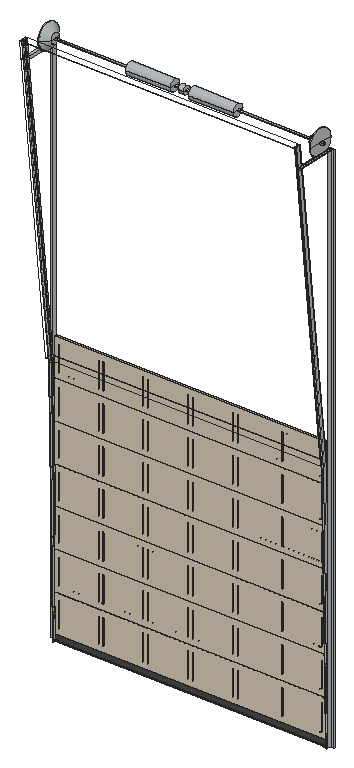
Revit family "Door_Sectional_Clopay_Insulated-VerticalTrack-RaisedPanel", category Doors, host Wall, Revit 2026
Family settings
  Host = Wall
  Classification Number = 23.30.10.17.37.14
  Always vertical = Yes
  Cut with Voids When Loaded = No
  Shared = No
  Room Calculation Point = No
Parameters (values of type "ByType")
  intDepth [instance] = (Height + 1' 6") * -1  # -13' - 6"
  Wind Load = ""
  Water Penetration = ""
  Track Offset = 0' - 1"
  Track Material [instance] = Metal - Steel - Clopay - Galvanized
  TorsionWidth = Width + 0' 7"  # 12' - 7"
  Torsion Spring Height above Head [instance] = if(Breakaway Track, 0' 6", 1' 6")  # 0' - 6"
  Sound Transmission Class (STC) = 0
  Revision = "R1_09-2011"
  Rad [instance] = Thickness / 2  # 0' - 0 11/16"
  RO Offset = 0' - 0"
  Panel Type_9 [instance] = Door Panel - Raised : Standard
  Panel Type_8 [instance] = Door Panel - Raised : Standard
  Panel Type_7 [instance] = Door Panel - Raised : Standard
  Panel Type_6 [instance] = Door Panel - Raised : Standard
  Panel Type_5 [instance] = Door Panel - Raised : Standard
  Panel Type_4 [instance] = Door Panel - Raised : Standard
  Panel Type_3 [instance] = Door Panel - Raised : Standard
  Panel Type_2 [instance] = Door Panel - Raised : Standard
  Panel Type_11 [instance] = Door Panel - Raised : Standard
  Panel Type_10 [instance] = Door Panel - Raised : Standard
  Panel Type_1 [instance] = Door Panel - Raised : Standard
  Panel Height = Height / NumPanels  # 1' - 8.57143"
  P9 = NumPanels > 8  # no
  P8 = NumPanels > 7  # no
  P7 = NumPanels > 6  # yes
  P6 = NumPanels > 5  # yes
  P5 = NumPanels > 4  # yes
  P4 = NumPanels > 3  # yes
  P3 = NumPanels > 2  # yes
  P11 = NumPanels > 10  # no
  P10 = NumPanels > 9  # no
  Operator_Jackshaft Right [instance] = no
  Operator_Jackshaft Left [instance] = no
  Opening Width = 12' - 0"
  Opening Height = 12' - 0"
  NumPanels = if(Height < 4' 6", 2, if(Height < 6' 0", 3, if(Height < 7' 6", 4, if(Height < 9' 0", 5, if(Height < 10' 9", 6, if(Height < 12' 6", 7, if(Height < 14' 3", 8, if(Height < 16' 0", 9, if(Height > 17' 9", 10, 11)))))))))  # 7
  Maximum Size = "Consult Clopay Specifications & Shop Drawings"
  Lock Right [instance] = no
  Lock Left [instance] = no
  Jackshaft Offset [instance] = 0' - 5"
  Hardware Finish = Metal - Steel - Clopay - Galvanized
  Function = Interior
  Frame Finish = Metal - Steel - Clopay - Stucco Emboss - Tan
  Double Torsion Shaft [instance] = no
  Door Width = Opening Width + (Track Offset * 2)  # 12' - 2"
  Door Height = Opening Height  # 12' - 0"
  Door Glazing = Glass - Insulated - Clopay - Clear Tempered
  DblWidth = TorsionWidth + 1' 0"  # 13' - 7"
  Building Code Conformance = ""
  Breakaway Track [instance] = yes
  Bottom Astragal Material [instance] = Rubber - Clopay - Black
  Bottom Astragal Height [instance] = 0' - 3 1/2"
  Air Infiltration = ""
  ASTM Conformance = ""
  Panel Width [instance] = Width + (Track Offset * 2)  # 12' - 2"
  Panel Material = Metal - Steel - Clopay - Stucco Emboss - Tan
  Manufacturer Phone = "513-770-4800 "
  Warranty Duration (Years) = 0
  URL = "http://www.clopaydoor.com/"
  Thickness = 0' - 1 3/8"
  Test Data = ""
  Specification = "http://www.arcat.com/sd/clients/clopay.html?coid=31487"
  SpecWizard = "http://www.arcat.com/specwizard/clients/clopay.html?coid=31487"
  Send Message = "http://www.clopaydoor.com/"
  Sales Information = "http://www.clopaydoor.com/contact-us.aspx"
  Rough Width = (Width + (RO Offset * 2))  # 12' - 0"
  Rough Height = (Height + (RO Offset))  # 12' - 0"
  R_Value = 0
  Product Properties = ""
  Product Data = "http://www.arcat.com/arcatcos/cos31/arc31487.html?isac=1&r=1"
  Manufacturer Website = "http://www.arcat.com/users.pl?action=UserEmail&company=Clopay%20Building%20Products%20Company&coid=31487&rep=114&fax=513-770-3519&mf="
  Manufacturer Phone - Toll Free = "800-526-4301 "
  Manufacturer Fax = "513-770-3519"
  Manufacturer Address = "8585 Duke Blvd. Mason, OH 45040-3101"
  Maintenance Schedule (Months) = 0
  Installation-Fabrication = ""
  Installation Phase = ""
  Green Building-LEED = "http://www.arcat.com/green/clients/leed_data_31487.html"
  Model = "As Specified"
  Manufacturer = "Clopay Building Products Company"
  Keynote = "08360"
  Height = Opening Height  # 12' - 0"
  Wall Closure = By host
  Width = Opening Width  # 12' - 0"
  Fire Rating = ""
  Expected Lifespan (Years) = 0
  Drawn By = "Sumex Design, Inc. / Robert S. Weygant, CSI, CDT, SCIP"
  Description = "Clopay Overhead Door as Specified"
  Copyright = "©Arcat Inc."
  Construction Details = "http://www.arcat.com/details/clopay/clopay.html?coid=31487"
  Building Codes = ""
  Assembly Code = "B2030410"
  ADA Compliant = yes
  AAMA Designation = ""
  3" Track [instance] = no
Reference planes (in)
  plane 1 "Center (Front/Back)": y = -34.08725
  plane 2 "Center (Left/Right)": x = 64.28704
  plane 3: z = 0
  plane 4 "Right": x = 136.28704
  plane 5 "Left": x = -7.71296
  plane 6: z = 0
  plane 7 "Top of Frame": z = 144
  plane 8 "RO Top": z = 144
  plane 9 "RO Right": x = 136.28704
  plane 10 "RO Left": x = -7.71296
  plane 11 "Exterior Wall Face": y = -31.08725
  plane 12 "Interior Wall Face": y = -37.08725
  plane 13: x = -8.71296
  plane 14: x = 137.28704
  plane 15: z = 24.07143
  plane 16: z = 44.64286
  plane 17: z = 65.21429
  plane 18: z = 85.78571
  plane 19: z = 106.35714
  plane 20: z = 126.92857
  plane 21: z = 147.5
  plane 22: y = -37.58725
  plane 23: z = 3.5
  plane 24: y = -38.96225
  plane 25: z = 288
  plane 26: z = 168.07143
  plane 27: z = 188.64286
  plane 28: z = 209.21429
  plane 29: z = 294
  plane 30: z = 306
  plane 31: x = -12.71296
  plane 32: x = 141.28704
  plane 33: z = 297
Forms (in)
  Extrusion 1, solid, material "Rubber - Clopay - Black" <- "Bottom Astragal Material"
    sketch origin (-8.71296, -26.43241, 48) x (0, 1, 0) y (0, 0, 1)
      loop
        line (-11.15484, -44.5) -> (-12.52984, -44.5) -> (-12.52984, -47.3125)
        arc (-12.52984, -47.3125) -> (-11.84234, -48) -> (-11.15484, -47.3125) r 0.6875
        line (-11.15484, -47.3125) -> (-11.15484, -44.5)
    from 0 to 146
  Extrusion 2, solid, material "Metal - Steel - Clopay - Galvanized" <- "Hardware Finish", visible <- "Lock Left"
    sketch origin (-270, -38.96225, -0.15636) x (0, 0, -1) y (-1, 0, 0)
      loop
        line (-39.15636, -263.35085) -> (-39.15636, -267.35085) -> (-36.15636, -267.35085) -> (-36.15636, -263.35085) -> (-39.15636, -263.35085)
    from 0 to -1.5
  Extrusion 3, solid, material "Metal - Steel - Clopay - Galvanized" <- "Hardware Finish", visible <- "Lock Right"
    sketch origin (398.57407, -38.96225, -0.15636) x (0, 0, -1) y (-1, 0, 0)
      loop
        line (-39.15636, 263.35085) -> (-36.15636, 263.35085) -> (-36.15636, 267.35085) -> (-39.15636, 267.35085) -> (-39.15636, 263.35085)
    from 0 to -1.5
  Extrusion 4, solid
    sketch origin (138.28704, -59.98895, 299.04277) x (0, 0.994163, 0.107886) y (-1, 0, 0)
      loop
        line (2.98478, 0) -> (2.98478, 148) -> (-1, 148) -> (-1, 0) -> (2.98478, 0)
    from 0 to -162 <- "intDepth"
Lines and regions (in)
  Opening 1
    outline origin (-109.33485, -37.08725, 0) x (1, 0, 0) y (0, 0, 1)
      loop
        line (101.62189, 0) -> (245.62189, 0) -> (245.62189, 144) -> (101.62189, 144) -> (101.62189, 0)
Text (in)
  text "Exterior" at (50.54558, 62.1328, 0), in view "A101 - Plan View"
  text "Interior" at (50.54558, -116.72319, 0), in view "A101 - Plan View"
  text "Exterior" at (0, -17.98638, 123.01588), in view "Right"
  text "Interior" at (0, -64.39139, 123.01588), in view "Right"
  text "Interior" at (0, -52.09468, 121.14095), in view "Left"
  text "Exterior" at (0, 26.35325, 123.00693), in view "Left"
Dimensions and locks (in)
  equal spacing: plane 4 "Right", plane 2 "Center (Left/Right)", plane 5 "Left"
  "Width": plane 5 "Left" to plane 4 "Right"
  "Height": level to plane 7 "Top of Frame"
  "RO Offset": plane 5 "Left" to plane 10 "RO Left"
  "RO Offset": plane 9 "RO Right" to plane 4 "Right"
  "RO Offset": plane 8 "RO Top" to plane 7 "Top of Frame"
  "Track Offset": plane 9 "RO Right" to plane 14
  "Track Offset": plane 13 to plane 5 "Left"
  locked: nested 3 to plane 12 "Interior Wall Face" at 6
  "Panel Height": plane 23 to plane 15
  "Panel Height": plane 15 to plane 16
  "Panel Height": plane 16 to plane 17
  "Panel Height": plane 17 to plane 18
  "Panel Height": plane 18 to plane 19
  "Panel Height": plane 19 to plane 20
  "Panel Height": plane 20 to plane 21
  locked: plane 12 "Interior Wall Face" to plane 22 at 0.5
  "Bottom Astragal Height": level to plane 23
  "Thickness": plane 22 to plane 24
  "Rad": Extrusion 1 sketch curve to level
  Extrusion 2 sketch curve to Extrusion 2 sketch curve to level = 0' - 3" locked, 3' - 0" locked
  Extrusion 3 sketch curve to Extrusion 3 sketch curve to level = 0' - 3" locked, 3' - 0" locked
  "Height": plane 25 to plane 8 "RO Top"
  "Torsion Spring Height above Head": plane 29 to plane 25
  "Panel Height": plane 21 to plane 26
  "Panel Height": plane 26 to plane 27
  "Panel Height": plane 27 to plane 28
  locked: plane 30 to plane 29 at 12
  locked: plane 12 "Interior Wall Face" to nested 15 at 6
  Extrusion 4 sketch curve to Extrusion 4 sketch curve = 0' - 3.98478"
  locked: plane 4 "Right" to Extrusion 4 sketch curve at 2
  locked: Extrusion 4 sketch curve to plane 5 "Left" at 2
  locked: plane 33 to plane 29 at 3
  "Jackshaft Offset": plane 5 "Left" to plane 31
  "Jackshaft Offset": plane 32 to plane 4 "Right"
  "Rad": radius of Extrusion 1 sketch curve
  aligned and locked: host wall to plane 1 "Center (Front/Back)"
  aligned and locked: Opening 1 sketch curve to level
  aligned and locked: plane 9 "RO Right" to Opening 1 sketch curve
  aligned and locked: plane 10 "RO Left" to Opening 1 sketch curve
  aligned and locked: Opening 1 sketch curve to plane 8 "RO Top"
  aligned and locked: host wall to plane 11 "Exterior Wall Face"
  aligned and locked: host wall to plane 12 "Interior Wall Face"
  aligned and locked: nested 1 to plane 13
  aligned and locked: nested 1 to plane 12 "Interior Wall Face"
  aligned and locked: nested 2 to plane 14
  aligned and locked: nested 2 to plane 12 "Interior Wall Face"
  aligned and locked: plane 2 "Center (Left/Right)" to nested 3
  aligned and locked: plane 2 "Center (Left/Right)" to nested 4
  aligned and locked: plane 15 to nested 5
  aligned and locked: plane 16 to nested 6
  aligned and locked: plane 17 to nested 7
  aligned and locked: plane 18 to nested 8
  aligned and locked: plane 19 to nested 9
  aligned and locked: plane 20 to nested 10
  aligned and locked: plane 21 to nested 11
  aligned and locked: plane 23 to nested 4
  aligned and locked: plane 14 to Extrusion 1
  aligned and locked: plane 26 to nested 12
  aligned and locked: plane 27 to nested 13
  aligned and locked: plane 22 to nested 4
  aligned and locked: plane 22 to nested 5
  aligned and locked: plane 22 to nested 6
  aligned and locked: plane 22 to nested 7
  aligned and locked: plane 22 to nested 8
  aligned and locked: plane 22 to nested 9
  aligned and locked: plane 22 to nested 10
  aligned and locked: plane 22 to nested 11
  aligned and locked: nested 12 to plane 22
  aligned and locked: nested 13 to plane 22
  aligned and locked: nested 14 to plane 2 "Center (Left/Right)"
  aligned and locked: nested 14 to plane 28
  aligned and locked: nested 14 to plane 24
  aligned and locked: plane 30 to nested 15
  aligned and locked: plane 29 to nested 3
  aligned and locked: plane 32 to nested 17
  aligned and locked: plane 33 to nested 17
  aligned and locked: plane 33 to nested 16
  aligned and locked: plane 31 to nested 16
Automatic sketch dimensions
  Extrusion 2 sketch curve to plane 5 "Left" = 0' - 5.06381"
  Extrusion 2 sketch curve to plane 5 "Left" = 0' - 1.06381"
  plane 4 "Right" to Extrusion 3 sketch curve = 0' - 1.06381"
  Extrusion 3 sketch curve to Extrusion 3 sketch curve = 0' - 4"
  Extrusion 1 sketch curve to plane 23 = 0' - 0"
  Extrusion 1 sketch curve to plane 24 = 0' - 0"
  nested 2 to Extrusion 4 sketch curve = 0' - 2 15/16"
Nested families (in)
  nested 1: "Track_SectionalDoor_Clopay_Vertical" at (-8.71296, -47.9957, 0), Opening Height <- "Height", Track Material <- "Track Material", 3" Track <- "3" Track", Breakaway <- "Breakaway Track", type "ByType"
    with sptLegth 1' - 9.43686", VertSlope 1.19349°, Vert Travel 0' - 6 1/4", Vert Overall 0' - 8 5/8", TrackHeight 25' - 0", Track Material Metal - Steel - Clopay - Galvanized, TopLength 13' - 8", Opening Height 12' - 0", Breakaway Angle 5.00°, Breakaway yes, BreakOffset 1' - 4.60353", BaseOffset 0' - 2.83333", 3" Track no
  nested 2: "Track_SectionalDoor_Clopay_Vertical" at (137.28704, -47.9957, 0) x (-1, 0, 0) z (0, 0, 1), Opening Height <- "Height", Track Material <- "Track Material", 3" Track <- "3" Track", Breakaway <- "Breakaway Track", type "ByType"
    with sptLegth 1' - 9.43686", VertSlope 1.19349°, Vert Travel 0' - 6 1/4", Vert Overall 0' - 8 5/8", TrackHeight 25' - 0", Track Material Metal - Steel - Clopay - Galvanized, TopLength 13' - 8", Opening Height 12' - 0", Breakaway Angle 5.00°, Breakaway yes, BreakOffset 1' - 4.60353", BaseOffset 0' - 2.83333", 3" Track no
  nested 3: "TorsionAssembly_Vlift" at (64.28704, -43.08725, 294), Material <- "Track Material", Unit Width <- "TorsionWidth", type "Vertical Lift"
    with offset 0' - 0", Unit Width 12' - 7", Material Metal - Steel - Clopay - Galvanized, End Extension 0' - 0"
  nested 4: "Door Panel - Raised" at (64.28704, -38.27475, 3.5), Material - Trim <- "Frame Finish", Material - Panel <- "Panel Material", Glass Type <- "Door Glazing", Unit Width <- "Panel Width", Unit Depth <- "Thickness", type <- "Panel Type_1", Unit Height <- "Panel Height", type "Standard"
    with Void Offset 0' - 0 1/8", Unit Width 12' - 2", Unit Height 1' - 8.57143", Unit Depth 0' - 1 3/8", TB Height 0' - 3.28571", Standard yes, SingleWindow no, Side Width 0' - 2", Panels 6, Panel Width 1' - 9 1/2", Panel Height 1' - 2", Ofst 0' - 0 1/8", MultiWindow yes, Material - Trim Metal - Steel - Clopay - Stucco Emboss - Tan, Material - Panel Metal - Steel - Clopay - Stucco Emboss - Tan, Horizontal Offset 1' - 0", Glass Type Glass - Insulated - Clopay - Clear Tempered, Divs 5, DivWidth 0' - 2 1/2", DivSpace 2' - 0 3/4", DivHeight 1' - 2", Div Actual 5
  nested 5: "Door Panel - Raised" at (64.28704, -38.27475, 24.07143), Material - Trim <- "Frame Finish", Material - Panel <- "Panel Material", Glass Type <- "Door Glazing", Unit Width <- "Panel Width", Unit Depth <- "Thickness", type <- "Panel Type_2", Unit Height <- "Panel Height", type "Standard"
    with Void Offset 0' - 0 1/8", Unit Width 12' - 2", Unit Height 1' - 8.57143", Unit Depth 0' - 1 3/8", TB Height 0' - 3.28571", Standard yes, SingleWindow no, Side Width 0' - 2", Panels 6, Panel Width 1' - 9 1/2", Panel Height 1' - 2", Ofst 0' - 0 1/8", MultiWindow yes, Material - Trim Metal - Steel - Clopay - Stucco Emboss - Tan, Material - Panel Metal - Steel - Clopay - Stucco Emboss - Tan, Horizontal Offset 1' - 0", Glass Type Glass - Insulated - Clopay - Clear Tempered, Divs 5, DivWidth 0' - 2 1/2", DivSpace 2' - 0 3/4", DivHeight 1' - 2", Div Actual 5
  nested 6: "Door Panel - Raised" at (64.28704, -38.27475, 44.64286), Material - Trim <- "Frame Finish", Material - Panel <- "Panel Material", Glass Type <- "Door Glazing", Unit Width <- "Panel Width", Unit Depth <- "Thickness", type <- "Panel Type_3", visible <- "P3", Unit Height <- "Panel Height", type "Standard"
    with Void Offset 0' - 0 1/8", Unit Width 12' - 2", Unit Height 1' - 8.57143", Unit Depth 0' - 1 3/8", TB Height 0' - 3.28571", Standard yes, SingleWindow no, Side Width 0' - 2", Panels 6, Panel Width 1' - 9 1/2", Panel Height 1' - 2", Ofst 0' - 0 1/8", MultiWindow yes, Material - Trim Metal - Steel - Clopay - Stucco Emboss - Tan, Material - Panel Metal - Steel - Clopay - Stucco Emboss - Tan, Horizontal Offset 1' - 0", Glass Type Glass - Insulated - Clopay - Clear Tempered, Divs 5, DivWidth 0' - 2 1/2", DivSpace 2' - 0 3/4", DivHeight 1' - 2", Div Actual 5
  nested 7: "Door Panel - Raised" at (64.28704, -38.27475, 65.21429), Material - Panel <- "Panel Material", Glass Type <- "Door Glazing", Unit Width <- "Panel Width", Unit Depth <- "Thickness", visible <- "P4", type <- "Panel Type_4", Material - Trim <- "Panel Material", Unit Height <- "Panel Height", type "Standard"
    with Void Offset 0' - 0 1/8", Unit Width 12' - 2", Unit Height 1' - 8.57143", Unit Depth 0' - 1 3/8", TB Height 0' - 3.28571", Standard yes, SingleWindow no, Side Width 0' - 2", Panels 6, Panel Width 1' - 9 1/2", Panel Height 1' - 2", Ofst 0' - 0 1/8", MultiWindow yes, Material - Trim Metal - Steel - Clopay - Stucco Emboss - Tan, Material - Panel Metal - Steel - Clopay - Stucco Emboss - Tan, Horizontal Offset 1' - 0", Glass Type Glass - Insulated - Clopay - Clear Tempered, Divs 5, DivWidth 0' - 2 1/2", DivSpace 2' - 0 3/4", DivHeight 1' - 2", Div Actual 5
  nested 8: "Door Panel - Raised" at (64.28704, -38.27475, 85.78571), Material - Trim <- "Frame Finish", Material - Panel <- "Panel Material", Glass Type <- "Door Glazing", Unit Width <- "Panel Width", Unit Depth <- "Thickness", visible <- "P5", type <- "Panel Type_5", Unit Height <- "Panel Height", type "Standard"
    with Void Offset 0' - 0 1/8", Unit Width 12' - 2", Unit Height 1' - 8.57143", Unit Depth 0' - 1 3/8", TB Height 0' - 3.28571", Standard yes, SingleWindow no, Side Width 0' - 2", Panels 6, Panel Width 1' - 9 1/2", Panel Height 1' - 2", Ofst 0' - 0 1/8", MultiWindow yes, Material - Trim Metal - Steel - Clopay - Stucco Emboss - Tan, Material - Panel Metal - Steel - Clopay - Stucco Emboss - Tan, Horizontal Offset 1' - 0", Glass Type Glass - Insulated - Clopay - Clear Tempered, Divs 5, DivWidth 0' - 2 1/2", DivSpace 2' - 0 3/4", DivHeight 1' - 2", Div Actual 5
  nested 9: "Door Panel - Raised" at (64.28704, -38.27475, 106.35714), Material - Trim <- "Frame Finish", Material - Panel <- "Panel Material", Glass Type <- "Door Glazing", Unit Width <- "Panel Width", Unit Depth <- "Thickness", visible <- "P6", type <- "Panel Type_6", Unit Height <- "Panel Height", type "Standard"
    with Void Offset 0' - 0 1/8", Unit Width 12' - 2", Unit Height 1' - 8.57143", Unit Depth 0' - 1 3/8", TB Height 0' - 3.28571", Standard yes, SingleWindow no, Side Width 0' - 2", Panels 6, Panel Width 1' - 9 1/2", Panel Height 1' - 2", Ofst 0' - 0 1/8", MultiWindow yes, Material - Trim Metal - Steel - Clopay - Stucco Emboss - Tan, Material - Panel Metal - Steel - Clopay - Stucco Emboss - Tan, Horizontal Offset 1' - 0", Glass Type Glass - Insulated - Clopay - Clear Tempered, Divs 5, DivWidth 0' - 2 1/2", DivSpace 2' - 0 3/4", DivHeight 1' - 2", Div Actual 5
  nested 10: "Door Panel - Raised" at (64.28704, -38.27475, 126.92857), Material - Trim <- "Frame Finish", Material - Panel <- "Panel Material", Glass Type <- "Door Glazing", Unit Width <- "Panel Width", Unit Depth <- "Thickness", visible <- "P7", type <- "Panel Type_7", Unit Height <- "Panel Height", type "Standard"
    with Void Offset 0' - 0 1/8", Unit Width 12' - 2", Unit Height 1' - 8.57143", Unit Depth 0' - 1 3/8", TB Height 0' - 3.28571", Standard yes, SingleWindow no, Side Width 0' - 2", Panels 6, Panel Width 1' - 9 1/2", Panel Height 1' - 2", Ofst 0' - 0 1/8", MultiWindow yes, Material - Trim Metal - Steel - Clopay - Stucco Emboss - Tan, Material - Panel Metal - Steel - Clopay - Stucco Emboss - Tan, Horizontal Offset 1' - 0", Glass Type Glass - Insulated - Clopay - Clear Tempered, Divs 5, DivWidth 0' - 2 1/2", DivSpace 2' - 0 3/4", DivHeight 1' - 2", Div Actual 5
  nested 11: "Door Panel - Raised" at (64.28704, -38.27475, 147.5), Material - Trim <- "Frame Finish", Material - Panel <- "Panel Material", Glass Type <- "Door Glazing", Unit Width <- "Panel Width", Unit Depth <- "Thickness", visible <- "P8", type <- "Panel Type_8", Unit Height <- "Panel Height", type "Standard"
    with Void Offset 0' - 0 1/8", Unit Width 12' - 2", Unit Height 1' - 8.57143", Unit Depth 0' - 1 3/8", TB Height 0' - 3.28571", Standard yes, SingleWindow no, Side Width 0' - 2", Panels 6, Panel Width 1' - 9 1/2", Panel Height 1' - 2", Ofst 0' - 0 1/8", MultiWindow yes, Material - Trim Metal - Steel - Clopay - Stucco Emboss - Tan, Material - Panel Metal - Steel - Clopay - Stucco Emboss - Tan, Horizontal Offset 1' - 0", Glass Type Glass - Insulated - Clopay - Clear Tempered, Divs 5, DivWidth 0' - 2 1/2", DivSpace 2' - 0 3/4", DivHeight 1' - 2", Div Actual 5
  nested 12: "Door Panel - Raised" at (64.28704, -38.27475, 168.07143), Material - Trim <- "Frame Finish", Material - Panel <- "Panel Material", Glass Type <- "Door Glazing", Unit Width <- "Panel Width", Unit Depth <- "Thickness", visible <- "P9", type <- "Panel Type_9", Unit Height <- "Panel Height", type "Standard"
    with Void Offset 0' - 0 1/8", Unit Width 12' - 2", Unit Height 1' - 8.57143", Unit Depth 0' - 1 3/8", TB Height 0' - 3.28571", Standard yes, SingleWindow no, Side Width 0' - 2", Panels 6, Panel Width 1' - 9 1/2", Panel Height 1' - 2", Ofst 0' - 0 1/8", MultiWindow yes, Material - Trim Metal - Steel - Clopay - Stucco Emboss - Tan, Material - Panel Metal - Steel - Clopay - Stucco Emboss - Tan, Horizontal Offset 1' - 0", Glass Type Glass - Insulated - Clopay - Clear Tempered, Divs 5, DivWidth 0' - 2 1/2", DivSpace 2' - 0 3/4", DivHeight 1' - 2", Div Actual 5
  nested 13: "Door Panel - Raised" at (64.28704, -38.27475, 188.64286), Material - Trim <- "Frame Finish", Material - Panel <- "Panel Material", Glass Type <- "Door Glazing", Unit Width <- "Panel Width", Unit Depth <- "Thickness", visible <- "P10", type <- "Panel Type_10", Unit Height <- "Panel Height", type "Standard"
    with Void Offset 0' - 0 1/8", Unit Width 12' - 2", Unit Height 1' - 8.57143", Unit Depth 0' - 1 3/8", TB Height 0' - 3.28571", Standard yes, SingleWindow no, Side Width 0' - 2", Panels 6, Panel Width 1' - 9 1/2", Panel Height 1' - 2", Ofst 0' - 0 1/8", MultiWindow yes, Material - Trim Metal - Steel - Clopay - Stucco Emboss - Tan, Material - Panel Metal - Steel - Clopay - Stucco Emboss - Tan, Horizontal Offset 1' - 0", Glass Type Glass - Insulated - Clopay - Clear Tempered, Divs 5, DivWidth 0' - 2 1/2", DivSpace 2' - 0 3/4", DivHeight 1' - 2", Div Actual 5
  nested 14: "Door Panel - Raised" at (64.28704, -38.27475, 209.21429), Material - Trim <- "Frame Finish", Material - Panel <- "Panel Material", Glass Type <- "Door Glazing", Unit Width <- "Panel Width", Unit Depth <- "Thickness", visible <- "P11", type <- "Panel Type_11", Unit Height <- "Panel Height", type "Standard"
    with Void Offset 0' - 0 1/8", Unit Width 12' - 2", Unit Height 1' - 8.57143", Unit Depth 0' - 1 3/8", TB Height 0' - 3.28571", Standard yes, SingleWindow no, Side Width 0' - 2", Panels 6, Panel Width 1' - 9 1/2", Panel Height 1' - 2", Ofst 0' - 0 1/8", MultiWindow yes, Material - Trim Metal - Steel - Clopay - Stucco Emboss - Tan, Material - Panel Metal - Steel - Clopay - Stucco Emboss - Tan, Horizontal Offset 1' - 0", Glass Type Glass - Insulated - Clopay - Clear Tempered, Divs 5, DivWidth 0' - 2 1/2", DivSpace 2' - 0 3/4", DivHeight 1' - 2", Div Actual 5
  nested 15: "TorsionAssembly_Vlift" at (64.28704, -43.08725, 306), Material <- "Track Material", Unit Width <- "DblWidth", visible <- "Double Torsion Shaft", type "Vertical Lift"
    with offset 0' - 0", Unit Width 13' - 7", Material Metal - Steel - Clopay - Galvanized, End Extension 0' - 6"
  nested 16: "Opener" at (-18.71296, -37.08725, 285) x (1, 0, 0) z (0, -1, 0), Material <- "Hardware Finish", visible <- "Operator_Jackshaft Left", type "Jackshaft"
    with offset 0' - 0", Material Metal - Steel - Clopay - Galvanized, Unit Width 1' - 0", Unit Depth 1' - 0"
  nested 17: "Opener" at (147.28704, -37.08725, 285) x (1, 0, 0) z (0, -1, 0), Material <- "Hardware Finish", visible <- "Operator_Jackshaft Right", type "Jackshaft"
    with offset 0' - 0", Material Metal - Steel - Clopay - Galvanized, Unit Width 1' - 0", Unit Depth 1' - 0"
Definition of nested family "Track_SectionalDoor_Clopay_Vertical"
  Parameters
    sptLegth [instance] = BaseOffset + BreakOffset + 0' 2"  # 1' - 6.33239"
    Width = 0' - 0"
    Warranty Duration (Years) = 0
    VertSlope [instance] = atan(0.25 / 12)  # 1.19349°
    Vert Travel [instance] = (TrackHeight) * tan(VertSlope)  # 0' - 5 1/4"
    Vert Overall [instance] = Vert Travel + 0' 2 3/8"  # 0' - 7 5/8"
    URL = "http://www.clopaydoor.com/"
    TrackHeight [instance] = TopLength + (Opening Height - 0' 8")  # 21' - 0"
    Track Material [instance] = none
    TopLength [instance] = if(Breakaway Angle = 0.00°, Opening Height + 0' 8" + 0' 1", Opening Height + 0' 8" + 1' 0")  # 11' - 8"
    Thickness = 0' - 0"
    Specification = "http://www.arcat.com/sd/clients/clopay.html?coid=31487"
    SpecWizard = "http://www.arcat.com/specwizard/clients/clopay.html?coid=31487"
    Send Message = "http://www.arcat.com/users.pl?action=UserEmail&company=Clopay%20Building%20Products%20Company&coid=31487&rep=114&fax=513-770-3519&mf="
    Sales Information = "http://www.clopaydoor.com/contact-us.aspx"
    Revision = "R1_09-2011"
    Product Properties = ""
    Product Data = "http://www.arcat.com/arcatcos/cos31/arc31487.html?isac=1&r=1"
    Opening Height [instance] = 10' - 0"
    Model = "As Specified"
    Manufacturer Website = "http://www.clopaydoor.com/"
    Manufacturer Phone - Toll Free = "800-526-4301"
    Manufacturer Phone = "513-770-4800"
    Manufacturer Fax = "513-770-3519"
    Manufacturer Address = "8585 Duke Blvd. Manson, OH 45040-3101"
    Manufacturer = "Clopay Building Products Company"
    Maintenance Schedule (Months) = 0
    Keynote = "08360"
    Installation-Fabrication = ""
    Installation Phase = ""
    Height = 0' - 0"
    Green Building-LEED = "http://www.arcat.com/green/clients/leed_data_31487.html"
    Expected Lifespan (Years) = 0
    Drawn By = "Sumex Design, Inc. / Robert S. Weygant, CSI, CDT, SCIP"
    Description = "Clopay Door as Specified"
    Copyright = "©Arcat Inc."
    Construction Details = "http://www.arcat.com/details/clopay/clopay.html?coid=31487"
    Breakaway Angle [instance] = if(Breakaway, 5.00°, 0.00°)  # 5.00°
    Breakaway [instance] = yes
    BreakOffset [instance] = (TrackHeight - 0' 11" - Opening Height + 0' 8") * tan(VertSlope + Breakaway Angle)  # 1' - 1.99905"
    BaseOffset [instance] = (Opening Height - 0' 8") * tan(VertSlope)  # 0' - 2.33333"
    3" Track [instance] = no
    Assembly Code = "B2030410"
  Reference planes (in)
    plane 1 "Center (Front/Back)": y = 10.90846
    plane 2: z = 0
    plane 3 "Center (Left/Right)": x = 0
    plane 4: z = 0
    plane 5: z = 0
    plane 6: z = 0
    plane 7: z = 0
    plane 8: z = 0
    plane 9: y = 3.28346
    plane 10 "Bracket": x = -1
    plane 11: z = 120
    plane 12: z = 252
    plane 13: y = 8.53346
    plane 14: z = 112
  Forms (in)
    Sweep 1, solid, material <- "Track Material"
      path origin (-1, 4.05509, 48) x (0, 1, 0) y (0, 0, 1)
        loop
          line (4.47835, -47.99915) -> (2.14503, 64) -> (-12.95906, 203.18285)
      profile "P_Track : P_Track" origin (-1, 7.36678, 56.00043) x (0, -0.999783, -0.020829) y (1, 0, 0)
        loop
          line (-2, 1) -> (-2, 0) -> (-0.62484, 0) -> (-0.20263, 0.18798)
          arc (-0.20263, 0.18798) -> (0, 0.5) -> (-0.20263, 0.81202) r 0.34155
          line (-0.20263, 0.81202) -> (-0.48052, 0.93574) -> (-0.50594, 0.87865) -> (-0.22805, 0.75492)
          arc (-0.22805, 0.75492) -> (-0.0625, 0.5) -> (-0.22805, 0.24508) r 0.27905
          line (-0.22805, 0.24508) -> (-0.63812, 0.0625) -> (-1.9375, 0.0625) -> (-1.9375, 1) -> (-2, 1)
    Extrusion 2, solid, material <- "Track Material"
      sketch origin (0, 0, 0) x (1, 0, 0) y (0, 1, 0)
        loop
          line (-1, 10.90846) -> (-3.25, 10.90846) -> (-3.25, 10.78346) -> (-1.125, 10.78346) -> (-1.125, 9.28346) -> (-1, 9.28346) -> (-1, 10.90846)
      from 0 to 241
    Sweep 3, solid, material <- "Track Material"
      path origin (-1, 4.05509, 48) x (0, 1, 0) y (0, 0, 1)
        loop
          line (-11.47902, 193) -> (6.72837, 193)
      profile origin (-1, 1.67976, 241) x (0, 0, 1) y (1, 0, 0)
        loop
          line (0, 0) -> (-1.48699, 0) -> (-1.48699, -0.125) -> (-0.11199, -0.125) -> (-0.11199, -1.5) -> (0, -1.5) -> (0, 0)
  Lines and regions (in)
    reference lines
      curve 1: line (-1, 8.53346, 0) -> (-1, 5.57576, 141.96919)
      curve 2: line (-1, 6.20012, 112) -> (-1, 0.48214, 164.69065)
      curve 3: line (-1, 6.20012, 112) -> (-1, 4.2118, 111.78423)
  Dimensions and locks (in)
    equal spacing: plane 4, plane 5, plane 6, plane 7, plane 8, level
    "Height": plane 4 to level
    locked: plane 10 "Bracket" to plane 3 "Center (Left/Right)" at 1
    "Opening Height": plane 11 to level
    "Vert Overall": plane 1 "Center (Front/Back)" to plane 9
    locked: plane 13 to plane 1 "Center (Front/Back)" at 2.375
    locked: plane 12 to Extrusion 2 at 11
    "TrackHeight": plane 12 to level
    locked: plane 12 to Sweep 3 sketch curve at 11
    locked: plane 11 to plane 14 at 8
    "TopLength": curve 3 to Sweep 1 sketch curve
    "sptLegth": plane 1 "Center (Front/Back)" to Sweep 3 sketch curve
    "VertSlope": angle curve 1 to plane 13
    "Breakaway Angle": angle curve 2 to curve 1
    aligned and locked: curve 1 to Sweep 1 sketch curve
    aligned and locked: Sweep 1 sketch curve to curve 2
  Automatic sketch dimensions
    Extrusion 2 sketch curve to plane 1 "Center (Front/Back)" = 0' - 0"
    Extrusion 2 sketch curve to plane 10 "Bracket" = 0' - 0"
    Extrusion 2 sketch curve to Extrusion 2 sketch curve = 0' - 0 1/8"  (x2)
    Extrusion 2 sketch curve to Extrusion 2 sketch curve = 0' - 2 1/8"
    plane 13 to Extrusion 2 sketch curve = 0' - 0 3/4"
    plane 1 "Center (Front/Back)" to Sweep 3 sketch curve = 0' - 0 1/8"
    Sweep 3 sketch curve to plane 10 "Bracket" = 0' - 0"
    Sweep 3 sketch curve to profile plane = 0' - 0"
    profile plane to Sweep 3 sketch curve = 0' - 0.11199"
    Sweep 3 sketch curve to plane 10 "Bracket" = 0' - 0 1/8"
    Sweep 3 sketch curve to Sweep 3 sketch curve = 0' - 1 3/8"  (x2)
    curve 2 to plane 14 = 0' - 0"
    curve 1 to level = 0' - 0"
    curve 1 to plane 13 = 0' - 0"
    Sweep 1 sketch curve to plane 13 = 0' - 0"
    curve 3 to curve 2 = 0' - 0"  (x2)
    curve 2 to curve 3 = 0' - 2"
Definition of nested family "TorsionAssembly_Vlift"
  Parameters
    offset [instance] = 0' - 0"
    Warranty Duration (Years) = 0
    Vertical Lift = yes
    Unit Width [instance] = 12' - 0"
    Unit Height = 0' - 9 1/2"
    Unit Depth = Unit Height  # 0' - 9 1/2"
    URL = "http://www.clopaydoor.com/"
    Standard = no
    Spring Width = 2' - 0"
    Specification = "http://www.arcat.com/sd/clients/clopay.html?coid=31487"
    SpecWizard = "http://www.arcat.com/specwizard/clients/clopay.html?coid=31487"
    Send Message = "http://www.arcat.com/users.pl?action=UserEmail&company=Clopay%20Building%20Products%20Company&coid=31487&rep=114&fax=513-770-3519&mf="
    Sales Information = "http://www.clopaydoor.com/contact-us.aspx"
    Revision = "R1_09-2011"
    Product Properties = ""
    Product Data = "http://www.arcat.com/arcatcos/cos31/arc31487.html?isac=1&r=1"
    Model = "As Specified"
    Material [instance] = none
    Manufacturer Website = "http://www.clopaydoor.com/"
    Manufacturer Phone - Toll Free = "800-526-4301 "
    Manufacturer Phone = "513-770-4800 "
    Manufacturer Fax = "513-770-3519"
    Manufacturer Address = "8585 Duke Blvd. Mason, OH 45040-3101"
    Manufacturer = "Clopay Building Products Company"
    Maintenance Schedule (Months) = 0
    Keynote = "08360"
    Installation-Fabrication = ""
    Installation Phase = ""
    High Lift = no
    Green Building-LEED = "http://www.arcat.com/green/clients/leed_data_31487.html"
    Expected Lifespan (Years) = 0
    End Extension [instance] = 0' - 0"
    Drawn By = "Sumex Design, Inc. / Robert S. Weygant, CSI, CDT, SCIP"
    Description = "Clopay Door as Specified"
    Copyright = "©Arcat Inc."
    Construction Details = "http://www.arcat.com/details/clopay/clopay.html?coid=31487"
    Assembly Code = "B2030410"
  Reference planes (in)
    plane 1 "Center (Front/Back)": y = 0
    plane 2 "Bottom": z = 0
    plane 3 "Center (Left/Right)": x = 0
    plane 4 "Front": y = -4.75
    plane 5 "Back": y = 4.75
    plane 6 "Left": x = -72
    plane 7 "Right": x = 72
    plane 8 "Top": z = 4.75
    plane 9: z = -4.75
    plane 10: x = -5
    plane 11: x = 5
    plane 12: x = -29
    plane 13: x = 29
    plane 14: x = 66
    plane 15: x = -66
  Forms (in)
    Revolve 1, solid, material <- "Material", visible <- "Vertical Lift"
      sketch origin (0, 0, 0) x (1, 0, 0) y (0, 1, 0)
        loop
          line (72, 0) -> (72, 0.5) -> (70, 0.5) -> (70, 6.75) -> (69.5, 6.75) -> (66.33203, 2.5) -> (66, 2.5) -> (66, 0.5) -> (29, 0.5) -> (29, 3) -> (5, 3) -> (5, 0.5) -> (1.375, 0.5) -> (1.375, 2) -> (-1.375, 2) -> (-1.375, 0.5) -> (-5, 0.5) -> (-5, 3) -> (-29, 3) -> (-29, 0.5) -> (-66, 0.5) -> (-66, 2.5) -> (-66.33203, 2.5) -> (-69.5, 6.75) -> (-70, 6.75) -> (-70, 0.5) -> (-72, 0.5) -> (-72, 0) -> (72, 0)
        axis (-72, 0) -> (72, 0)
      angle from 0 to 360
  Dimensions and locks (in)
    equal spacing: plane 6 "Left", plane 3 "Center (Left/Right)", plane 7 "Right"
    "Unit Width": plane 6 "Left" to plane 7 "Right"
    equal spacing: plane 5 "Back", plane 1 "Center (Front/Back)", plane 4 "Front"
    "Unit Depth": plane 5 "Back" to plane 4 "Front"
    equal spacing: plane 8 "Top", level, plane 9
    "Unit Height": plane 8 "Top" to plane 9
    plane 10 to plane 3 "Center (Left/Right)" to plane 11 = 0' - 5" locked, 0' - 5" locked
    "Spring Width": plane 11 to plane 13
    "Spring Width": plane 12 to plane 10
    "End Extension": Revolve 1 sketch curve to plane 6 "Left"
    "End Extension": plane 7 "Right" to Revolve 1 sketch curve
    locked: plane 6 "Left" to plane 15 at 6
    plane 14 to plane 7 "Right" = 0' - 6"
  Automatic sketch dimensions
    Revolve 1 sketch curve to plane 1 "Center (Front/Back)" = 0' - 0"  (x2)
    Revolve 1 sketch curve to plane 15 = 0' - 0"
    Revolve 1 sketch curve to plane 12 = 0' - 0"
    Revolve 1 sketch curve to plane 10 = 0' - 0"
    Revolve 1 sketch curve to plane 11 = 0' - 0"
    Revolve 1 sketch curve to plane 13 = 0' - 0"
    Revolve 1 sketch curve to plane 14 = 0' - 0"
    Revolve 1 sketch curve to Revolve 1 sketch curve = 0' - 9 3/4"
    Revolve 1 sketch curve to plane 1 "Center (Front/Back)" = 0' - 0 1/2"  (x6)
    Revolve 1 sketch curve to plane 3 "Center (Left/Right)" = 0' - 1 3/8"
    plane 3 "Center (Left/Right)" to Revolve 1 sketch curve = 0' - 1 3/8"
    Revolve 1 sketch curve to Revolve 1 sketch curve = 1' - 0 3/4"
    Revolve 1 sketch curve to Revolve 1 sketch curve = 0' - 1 1/2"
    Revolve 1 sketch curve to plane 5 "Back" = 0' - 1 3/4"  (x2)
    Revolve 1 sketch curve to plane 7 "Right" = 0' - 2"
    Revolve 1 sketch curve to plane 14 = 0' - 0 85/256"
    Revolve 1 sketch curve to Revolve 1 sketch curve = 0' - 0 1/2"  (x2)
    Revolve 1 sketch curve to Revolve 1 sketch curve = 0' - 2"  (x2)
    plane 5 "Back" to Revolve 1 sketch curve = 0' - 2"  (x2)
    plane 6 "Left" to Revolve 1 sketch curve = 0' - 2"
    Revolve 1 sketch curve to Revolve 1 sketch curve = 0' - 0 85/256"
Definition of nested family "Door Panel - Raised"
  Parameters
    offset = 0' - 9"
    Warranty Duration (Years) = 0
    Void Offset [instance] = if(Divs > 1, 0' 0 1/8", 0' 2")  # 0' - 0 1/8"
    Vision Panels = no
    TB Height [instance] = (Unit Height - 1' 2") / 2  # 0' - 4"
    Standard [instance] = not(Vision Panels)  # yes
    Side Width [instance] = 0' - 2"
    Panels [instance] = if(Unit Width < 6' 2", 2, if(Unit Width < 8' 0", 3, if(Unit Width < 10' 0", 4, if(Unit Width < 12' 0", 5, if(Unit Width < 14' 0", 6, if(Unit Width < 16' 0", 7, if(Unit Width < 19' 0", 8, if(Unit Width < 20' 0", 9, if(Unit Width < 24' 0", 10, 12)))))))))  # 6
    Panel Width [instance] = 1' - 9 1/2"  # constant formula
    Panel Height [instance] = 1' - 2"  # constant formula
    Ofst [instance] = if(Vision Panels, 0' 0", 0' 0 1/8")  # 0' - 0 1/8"
    Material - Trim [instance] = none
    Horizontal Offset [instance] = (Panel Width / 2) + (DivWidth / 2)  # 1' - 1.6"
    Divs [instance] = Panels - 1  # 5
    DivSpace [instance] = Panel Width + Side Width + (DivWidth / 2)  # 2' - 2.35"
    Div Actual [instance] = if(Divs > 1, Divs, 2)  # 5
    Unit Width [instance] = 13' - 6"
    Unit Height [instance] = 1' - 10"
    Unit Depth [instance] = 0' - 2"
    URL = "http://www.clopaydoor.com/"
    Specification = "http://www.arcat.com/sd/clients/clopay.html?coid=31487"
    SpecWizard = "http://www.arcat.com/specwizard/clients/clopay.html?coid=31487"
    SingleWindow [instance] = Divs = 1  # no
    Send Message = "http://www.arcat.com/users.pl?action=UserEmail&company=Clopay%20Building%20Products%20Company&coid=31487&rep=114&fax=513-770-3519&mf="
    Sales Information = "http://www.clopaydoor.com/contact-us.aspx"
    Revision = "R1_09-2011"
    Product Properties = ""
    Product Data = "http://www.arcat.com/arcatcos/cos31/arc31487.html?isac=1&r=1"
    MultiWindow [instance] = Divs > 1  # yes
    Model = "As Specified"
    Material - Panel [instance] = none
    Manufacturer Website = "http://www.clopaydoor.com/"
    Manufacturer Phone - Toll Free = "800-526-4301 "
    Manufacturer Phone = "513-770-4800 "
    Manufacturer Fax = "513-770-3519"
    Manufacturer Address = "8585 Duke Blvd. Mason, OH 45040-3101"
    Manufacturer = "Clopay Building Products Company"
    Maintenance Schedule (Months) = 0
    Keynote = "08330"
    Installation-Fabrication = ""
    Installation Phase = ""
    Green Building-LEED = "http://www.arcat.com/green/clients/leed_data_31487.html"
    Glass Type [instance] = none
    Expected Lifespan (Years) = 0
    Drawn By = "Sumex Design, Inc. / Robert S. Weygant, CSI, CDT, SCIP"
    DivWidth [instance] = (Unit Width - 0' 4 1/2" - (1' 9 1/2" * Panels)) / Divs  # 0' - 5.7"
    DivHeight [instance] = Unit Height - (TB Height * 2)  # 1' - 2"
    Description = "Clopay Door as Specified"
    Copyright = "©Arcat Inc."
    Construction Details = "http://www.arcat.com/details/clopay/clopay.html?coid=31487"
    Assembly Code = "B2030420"
  Reference planes (in)
    plane 1 "Center (Front/Back)": y = 0
    plane 2 "Bottom": z = 0
    plane 3 "Center (Left/Right)": x = 0
    plane 4 "Front": y = -1
    plane 5 "Back": y = 1
    plane 6 "Left": x = -81
    plane 7 "Right": x = 81
    plane 8 "Top": z = 22
    plane 9: z = 11
    plane 10: x = -54.65
    plane 11: x = 54.65
    plane 12: y = -1.125
    plane 13: x = -79
    plane 14: x = 79
    plane 15: z = 18
    plane 16: z = 4
  Forms (in)
    Sweep 1, solid, material <- "Material - Panel"
      path origin (0, 0, 0) x (1, 0, 0) y (0, 0, 1)
        loop
          line (-81, 22) -> (81, 22)
      profile origin (0, 0, 22) x (0, 0, 1) y (0, -1, 0)
        loop
          line (0, -0.875) -> (0, 1) -> (-4, 1) -> (-4, 0.75) -> (-4.25, 0.75) -> (-4.25, -0.75) -> (-4, -0.75) -> (-4, -0.875) -> (0, -0.875)
    Extrusion 2, solid, material <- "Material - Panel", visible <- "Standard"
      sketch origin (-11.94222, 1, 48) x (-1, 0, 0) y (0, 0, 1)
        loop
          line (69.05778, -26) -> (-92.94222, -26) -> (-92.94222, -48) -> (69.05778, -48) -> (69.05778, -26)
      from 0 to -0.125
    Sweep 3, solid, material <- "Material - Panel"
      path origin (0, 0, 0) x (1, 0, 0) y (0, 0, 1)
        loop
          line (-81, 0) -> (-81, 22)
      profile origin (-81, 0, 11) x (-1, 0, 0) y (0, -1, 0)
        loop
          line (0, -0.875) -> (0, 1) -> (-2, 1) -> (-2, 0.75) -> (-2.25, 0.75) -> (-2.25, -0.75) -> (-2, -0.75) -> (-2, -0.875) -> (0, -0.875)
    Sweep 4, solid, material <- "Material - Panel"
      path origin (0, 0, 0) x (1, 0, 0) y (0, 0, 1)
        loop
          line (-81, 0) -> (81, 0)
      profile origin (0, 0, 0) x (0, 0, 1) y (0, -1, 0)
        loop
          line (0, -0.875) -> (4, -0.875) -> (4, -0.75) -> (4.25, -0.75) -> (4.25, 0.75) -> (4, 0.75) -> (4, 1) -> (0, 1) -> (0, -0.875)
    Sweep 5, solid, material <- "Material - Panel"
      path origin (0, 0, 0) x (1, 0, 0) y (0, 0, 1)
        loop
          line (81, 0) -> (81, 22)
      profile origin (81, 0, 11) x (-1, 0, 0) y (0, -1, 0)
        loop
          line (0, -0.875) -> (2, -0.875) -> (2, -0.75) -> (2.25, -0.75) -> (2.25, 0.75) -> (2, 0.75) -> (2, 1) -> (0, 1) -> (0, -0.875)
  Cuts and joins
    joined: Sweep 1, Sweep 3, Sweep 4, Sweep 5
  Dimensions and locks (in)
    equal spacing: plane 6 "Left", plane 3 "Center (Left/Right)", plane 7 "Right"
    "Unit Width": plane 6 "Left" to plane 7 "Right"
    equal spacing: plane 5 "Back", plane 1 "Center (Front/Back)", plane 4 "Front"
    "Unit Depth": plane 5 "Back" to plane 4 "Front"
    "Unit Height": plane 8 "Top" to level
    equal spacing: plane 8 "Top", plane 9, level
    "DivSpace": plane 10 to plane 6 "Left"
    "DivSpace": plane 7 "Right" to plane 11
    "Void Offset": plane 4 "Front" to plane 12
    locked: plane 5 "Back" to Sweep 1 sketch curve at 0.25
    locked: Sweep 1 sketch curve to plane 4 "Front" at 0.25
    equal spacing: group 1, group 3, group 8, group 10, group 2  (x2)
    equal spacing: group 2, group 10, group 8, group 3, group 1
    equal spacing: group 4, group 6, group 7, group 9, group 11, group 5  (x3)
    "Horizontal Offset": plane 10 to nested 5
    "Horizontal Offset": nested 6 to plane 11
    "Ofst": plane 5 "Back" to Sweep 1 sketch curve
    "Side Width": plane 14 to plane 7 "Right"
    "Side Width": plane 6 "Left" to plane 13
    locked: plane 13 to Sweep 3 sketch curve at 0.25
    locked: Sweep 5 sketch curve to plane 14 at 0.25
    "TB Height": plane 16 to level
    "TB Height": plane 8 "Top" to plane 15
    locked: plane 15 to Sweep 1 sketch curve at 0.25
    locked: Sweep 4 sketch curve to plane 16 at 0.25
    "TB Height": nested 1 to level
    "Ofst": plane 5 "Back" to Sweep 4 sketch curve
    locked: plane 5 "Back" to Sweep 4 sketch curve at 0.25
    locked: Sweep 4 sketch curve to plane 4 "Front" at 0.25
    locked: Sweep 3 sketch curve to plane 4 "Front" at 0.25
    "Ofst": plane 5 "Back" to Sweep 3 sketch curve
    locked: plane 5 "Back" to Sweep 3 sketch curve at 0.25
    locked: Sweep 5 sketch curve to plane 4 "Front" at 0.25
    "Ofst": plane 5 "Back" to Sweep 5 sketch curve
    locked: plane 5 "Back" to Sweep 5 sketch curve at 0.25
    aligned and locked: plane 4 "Front" to Sweep 1 sketch curve
    aligned and locked: plane 10 to nested 2
    aligned and locked: plane 11 to nested 3
    aligned and locked: plane 1 "Center (Front/Back)" to nested 3
    aligned and locked: plane 1 "Center (Front/Back)" to nested 2
    aligned and locked: plane 1 "Center (Front/Back)" to nested 1
    aligned and locked: plane 3 "Center (Left/Right)" to nested 1
    aligned and locked: plane 9 to nested 5
    aligned and locked: nested 6 to plane 9
    aligned and locked: nested 5 to plane 1 "Center (Front/Back)"
    aligned and locked: plane 1 "Center (Front/Back)" to nested 6
    aligned and locked: Sweep 3 sketch curve to plane 13
    aligned and locked: plane 13 to Sweep 3 sketch curve
    aligned and locked: plane 14 to Sweep 5 sketch curve
    aligned and locked: Sweep 5 sketch curve to plane 14
    aligned and locked: Sweep 1 sketch curve to plane 15
    aligned and locked: plane 16 to Sweep 4 sketch curve
    aligned and locked: Sweep 4 sketch curve to plane 16
    aligned and locked: plane 16 to nested 3
    aligned and locked: plane 16 to nested 2
    aligned and locked: Sweep 4 sketch curve to plane 4 "Front"
    aligned and locked: Sweep 3 sketch curve to plane 4 "Front"
    aligned and locked: Sweep 5 sketch curve to plane 4 "Front"
  Automatic sketch dimensions
    Extrusion 2 sketch curve to plane 7 "Right" = 0' - 0"
    Extrusion 2 sketch curve to level = 0' - 0"
    Extrusion 2 sketch curve to plane 6 "Left" = 0' - 0"
    Extrusion 2 sketch curve to plane 8 "Top" = 0' - 0"
    Sweep 1 sketch curve to plane 6 "Left" = 0' - 0"
    Sweep 1 sketch curve to plane 7 "Right" = 0' - 0"
    Sweep 1 sketch curve to plane 8 "Top" = 0' - 0"
    Sweep 3 sketch curve to plane 8 "Top" = 0' - 0"
    Sweep 3 sketch curve to profile plane = 0' - 0"
    Sweep 3 sketch curve to plane 6 "Left" = 0' - 0"
    Sweep 3 sketch curve to level = 0' - 0"
    Sweep 4 sketch curve to level = 0' - 0"
    Sweep 4 sketch curve to plane 6 "Left" = 0' - 0"
    Sweep 4 sketch curve to plane 7 "Right" = 0' - 0"
    Sweep 4 sketch curve to profile plane = 0' - 0"
    Sweep 5 sketch curve to plane 7 "Right" = 0' - 0"
    Sweep 5 sketch curve to level = 0' - 0"
    Sweep 5 sketch curve to plane 8 "Top" = 0' - 0"
    Sweep 5 sketch curve to profile plane = 0' - 0"
    Sweep 1 sketch curve to profile plane = 0' - 0"
    Sweep 1 sketch curve to Sweep 1 sketch curve = 0' - 0"
  Nested families (in)
    nested 1: "Divider" at (0, 0, 4), Material <- "Material - Panel", Unit Width <- "DivWidth", Unit Height <- "DivHeight", Door Thickness <- "Unit Depth", visible <- "SingleWindow", type "Vision Panel"
      with offset 0' - 0", Unit Width 0' - 5.7", Unit Height 1' - 2", Material none, Frame Material none, Door Thickness 0' - 2", Back Offset 0' - 0 5/64"
    nested 2: "Divider" at (-54.65, 0, 4), Material <- "Material - Panel", Unit Width <- "DivWidth", Unit Height <- "DivHeight", Door Thickness <- "Unit Depth", visible <- "MultiWindow", Back Offset <- "Ofst", type "Vision Panel"
      with offset 0' - 0", Unit Width 0' - 5.7", Unit Height 1' - 2", Material none, Frame Material none, Door Thickness 0' - 2", Back Offset 0' - 0 1/8"
    nested 3: "Divider" at (54.65, 0, 4), Material <- "Material - Panel", Unit Width <- "DivWidth", Unit Height <- "DivHeight", Door Thickness <- "Unit Depth", visible <- "MultiWindow", Back Offset <- "Ofst", type "Vision Panel"
      with offset 0' - 0", Unit Width 0' - 5.7", Unit Height 1' - 2", Material none, Frame Material none, Door Thickness 0' - 2", Back Offset 0' - 0 1/8"
    nested 4: "Divider" at (-27.325, 0, 4), Material <- "Material - Panel", Unit Width <- "DivWidth", Unit Height <- "DivHeight", Door Thickness <- "Unit Depth", visible <- "MultiWindow", Back Offset <- "Ofst", type "Vision Panel"
      with offset 0' - 0", Unit Width 0' - 5.7", Unit Height 1' - 2", Material none, Frame Material none, Door Thickness 0' - 2", Back Offset 0' - 0 1/8"
    nested 5: "RaisedPanel" at (-68.25, 0, 11), Vision <- "Vision Panels", Panel Material <- "Material - Panel", Glass Type <- "Glass Type", Unit Width <- "Panel Width", Unit Height <- "Panel Height", Door Thickness <- "Unit Depth", type "Default"
      with offset 0' - 0", Vision no, Unit Width 1' - 9 1/2", Unit Height 1' - 2", Standard yes, Panel Material none, Glass Type none, Door Thickness 0' - 2"
    nested 6: "RaisedPanel" at (68.25, 0, 11), Vision <- "Vision Panels", Panel Material <- "Material - Panel", Glass Type <- "Glass Type", Unit Width <- "Panel Width", Unit Height <- "Panel Height", Door Thickness <- "Unit Depth", type "Default"
      with offset 0' - 0", Vision no, Unit Width 1' - 9 1/2", Unit Height 1' - 2", Standard yes, Panel Material none, Glass Type none, Door Thickness 0' - 2"
    nested 7: "RaisedPanel" at (-40.95, 0, 11), Vision <- "Vision Panels", Panel Material <- "Material - Panel", Glass Type <- "Glass Type", Unit Width <- "Panel Width", Unit Height <- "Panel Height", Door Thickness <- "Unit Depth", type "Default"
      with offset 0' - 0", Vision no, Unit Width 1' - 9 1/2", Unit Height 1' - 2", Standard yes, Panel Material none, Glass Type none, Door Thickness 0' - 2"
    nested 8: "RaisedPanel" at (-13.65, 0, 11), Vision <- "Vision Panels", Panel Material <- "Material - Panel", Glass Type <- "Glass Type", Unit Width <- "Panel Width", Unit Height <- "Panel Height", Door Thickness <- "Unit Depth", type "Default"
      with offset 0' - 0", Vision no, Unit Width 1' - 9 1/2", Unit Height 1' - 2", Standard yes, Panel Material none, Glass Type none, Door Thickness 0' - 2"
    nested 9: "Divider" at (0, 0, 4), Material <- "Material - Panel", Unit Width <- "DivWidth", Unit Height <- "DivHeight", Door Thickness <- "Unit Depth", visible <- "MultiWindow", Back Offset <- "Ofst", type "Vision Panel"
      with offset 0' - 0", Unit Width 0' - 5.7", Unit Height 1' - 2", Material none, Frame Material none, Door Thickness 0' - 2", Back Offset 0' - 0 1/8"
    nested 10: "RaisedPanel" at (13.65, 0, 11), Vision <- "Vision Panels", Panel Material <- "Material - Panel", Glass Type <- "Glass Type", Unit Width <- "Panel Width", Unit Height <- "Panel Height", Door Thickness <- "Unit Depth", type "Default"
      with offset 0' - 0", Vision no, Unit Width 1' - 9 1/2", Unit Height 1' - 2", Standard yes, Panel Material none, Glass Type none, Door Thickness 0' - 2"
    nested 11: "Divider" at (27.325, 0, 4), Material <- "Material - Panel", Unit Width <- "DivWidth", Unit Height <- "DivHeight", Door Thickness <- "Unit Depth", visible <- "MultiWindow", Back Offset <- "Ofst", type "Vision Panel"
      with offset 0' - 0", Unit Width 0' - 5.7", Unit Height 1' - 2", Material none, Frame Material none, Door Thickness 0' - 2", Back Offset 0' - 0 1/8"
    nested 12: "RaisedPanel" at (40.95, 0, 11), Vision <- "Vision Panels", Panel Material <- "Material - Panel", Glass Type <- "Glass Type", Unit Width <- "Panel Width", Unit Height <- "Panel Height", Door Thickness <- "Unit Depth", type "Default"
      with offset 0' - 0", Vision no, Unit Width 1' - 9 1/2", Unit Height 1' - 2", Standard yes, Panel Material none, Glass Type none, Door Thickness 0' - 2"
  Definition of nested family "Divider"
    Parameters
      offset [instance] = 0' - 0"
      Warranty Duration (Years) = 0
      Unit Width [instance] = 0' - 2"
      Unit Height [instance] = 1' - 0"
      URL = "http://www.clopaydoor.com/"
      Thickness = 0' - 0 1/4"
      Specification = "http://www.arcat.com/sd/clients/clopay.html?coid=31487"
      SpecWizard = "http://www.arcat.com/specwizard/clients/clopay.html?coid=31487"
      Send Message = "http://www.arcat.com/users.pl?action=UserEmail&company=Clopay%20Building%20Products%20Company&coid=31487&rep=114&fax=513-770-3519&mf="
      Sales Information = "http://www.clopaydoor.com/contact-us.aspx"
      Revision = "R1_09-2011"
      Product Properties = ""
      Product Data = "http://www.arcat.com/arcatcos/cos31/arc31487.html?isac=1&r=1"
      Model = "As Specified"
      Material [instance] = none
      Manufacturer Website = "http://www.clopaydoor.com/"
      Manufacturer Phone - Toll Free = "800-526-4301 "
      Manufacturer Phone = "513-770-4800 "
      Manufacturer Fax = "513-770-3519"
      Manufacturer Address = "8585 Duke Blvd. Mason, OH 45040-3101"
      Manufacturer = "Clopay Building Products Company"
      Maintenance Schedule (Months) = 0
      Keynote = "08330"
      Installation-Fabrication = ""
      Installation Phase = ""
      Green Building-LEED = "http://www.arcat.com/green/clients/leed_data_31487.html"
      Frame Material [instance] = none
      Expected Lifespan (Years) = 0
      Drawn By = "Sumex Design, Inc. / Robert S. Weygant, CSI, CDT, SCIP"
      Door Thickness [instance] = 0' - 1 3/4"
      Description = "Clopay Door as Specified"
      Copyright = "©Arcat Inc."
      Construction Details = "http://www.arcat.com/details/clopay/clopay.html?coid=31487"
      Back Offset [instance] = 0' - 0 5/64"
      Assembly Code = "B2030420"
    Reference planes (in)
      plane 1 "Center (Front/Back)": y = 0
      plane 2 "Bottom": z = 0
      plane 3 "Center (Left/Right)": x = 0
      plane 4 "Left": x = -1
      plane 5 "Right": x = 1
      plane 6 "Top": z = 12
      plane 7: y = 0.875
      plane 8: y = -0.875
    Forms (in)
      Extrusion 1, solid, material <- "Material"
        sketch origin (0, 0, 0) x (1, 0, 0) y (0, 1, 0)
          loop
            line (-1, 0.79687) -> (-1, 0.625) -> (-1.25, 0.625) -> (-1.25, -0.625) -> (-1, -0.625) -> (-1, -0.875) -> (1, -0.875) -> (1, -0.625) -> (1.25, -0.625) -> (1.25, 0.625) -> (1, 0.625) -> (1, 0.79687) -> (-1, 0.79687)
        from 0 to 12
    Dimensions and locks (in)
      equal spacing: plane 4 "Left", plane 3 "Center (Left/Right)", plane 5 "Right"
      "Unit Width": plane 4 "Left" to plane 5 "Right"
      "Unit Height": plane 6 "Top" to level
      equal spacing: plane 7, plane 1 "Center (Front/Back)", plane 8
      "Door Thickness": plane 7 to plane 8
      "Back Offset": plane 7 to Extrusion 1 sketch curve
      aligned and locked: plane 6 "Top" to Extrusion 1
    Automatic sketch dimensions
      Extrusion 1 sketch curve to plane 8 = 0' - 0"
      Extrusion 1 sketch curve to Extrusion 1 sketch curve = 0' - 0 1/4"  (x2)
      plane 8 to Extrusion 1 sketch curve = 0' - 0 1/4"  (x2)
      Extrusion 1 sketch curve to plane 7 = 0' - 0 1/4"  (x2)
      Extrusion 1 sketch curve to plane 5 "Right" = 0' - 0"  (x2)
      Extrusion 1 sketch curve to plane 4 "Left" = 0' - 0"  (x2)
  Definition of nested family "RaisedPanel"
    Parameters
      offset [instance] = 0' - 0"
      Warranty Duration (Years) = 0
      Vision [instance] = no
      Unit Width [instance] = 1' - 9 1/2"
      Unit Height [instance] = 1' - 2"
      Unit Depth = 0' - 0 1/8"
      URL = "http://www.clopaydoor.com/"
      Thickness = 0' - 0 1/4"
      Standard [instance] = not(Vision)  # yes
      Specification = "http://www.arcat.com/sd/clients/clopay.html?coid=31487"
      SpecWizard = "http://www.arcat.com/specwizard/clients/clopay.html?coid=31487"
      Send Message = "http://www.arcat.com/users.pl?action=UserEmail&company=Clopay%20Building%20Products%20Company&coid=31487&rep=114&fax=513-770-3519&mf="
      Sales Information = "http://www.clopaydoor.com/contact-us.aspx"
      Revision = "R1_09-2011"
      Product Properties = ""
      Product Data = "http://www.arcat.com/arcatcos/cos31/arc31487.html?isac=1&r=1"
      Panel Material [instance] = none
      Model = "As Specified"
      Manufacturer Website = "http://www.clopaydoor.com/"
      Manufacturer Phone - Toll Free = "800-526-4301 "
      Manufacturer Phone = "513-770-4800 "
      Manufacturer Fax = "513-770-3519"
      Manufacturer Address = "8585 Duke Blvd. Mason, OH 45040-3101"
      Manufacturer = "Clopay Building Products Company"
      Maintenance Schedule (Months) = 0
      Keynote = "08330"
      Installation-Fabrication = ""
      Installation Phase = ""
      Green Building-LEED = "http://www.arcat.com/green/clients/leed_data_31487.html"
      Glass Type [instance] = none
      Expected Lifespan (Years) = 0
      Drawn By = "Sumex Design, Inc. / Robert S. Weygant, CSI, CDT, SCIP"
      Door Thickness [instance] = 0' - 2"
      Description = "Clopay Door as Specified"
      Copyright = "©Arcat Inc."
      Construction Details = "http://www.arcat.com/details/clopay/clopay.html?coid=31487"
      Assembly Code = "B2030420"
    Reference planes (in)
      plane 1 "Center (Front/Back)": y = 0
      plane 2 "Bottom": z = 0
      plane 3 "Center (Left/Right)": x = 0
      plane 4 "Left": x = -10.75
      plane 5 "Right": x = 10.75
      plane 6 "Top": z = 7
      plane 7: y = 0.125
      plane 8: y = -0.125
      plane 9: z = -7
      plane 10: y = 1
      plane 11: y = -1
      plane 12: x = -9.75
      plane 13: x = 9.75
      plane 14: z = 6
      plane 15: z = -6
    Forms (in)
      Extrusion 1, solid, material <- "Glass Type", visible <- "Vision"
        sketch origin (-4.79439, 0.125, 48) x (-1, 0, 0) y (0, 0, 1)
          loop
            line (4.83061, -53.875) -> (4.83061, -42.125) -> (-14.41939, -42.125) -> (-14.41939, -53.875) -> (4.83061, -53.875)
        from 0 to -0.25
      Sweep 2, solid, material <- "Panel Material", visible <- "Vision"
        path origin (0, 0, 0) x (1, 0, 0) y (0, 0, 1)
          loop
            line (-9.75, 6) -> (-9.75, -6) -> (9.75, -6) -> (9.75, 6) -> (-9.75, 6)
        profile origin (0, 0, 6) x (0, 0, 1) y (0, -1, 0)
          loop
            line (-0.125, -1) -> (0.375, -1) -> (0.375, -0.875) -> (0, -0.875) -> (0, 0.5468) -> (0.375, 0.5468) -> (0.375, 0.6718) -> (-0.125, 0.6718) -> (-0.125, -1)
      Extrusion 3, solid, material <- "Panel Material", visible <- "Standard"
        sketch origin (-9.80741, 1, 48) x (-1, 0, 0) y (0, 0, 1)
          loop
            line (-1.05741, -43) -> (-18.55741, -43) -> (-18.55741, -53) -> (-1.05741, -53) -> (-1.05741, -43)
        from -0.125 to -2
      Sweep 4, solid, material <- "Panel Material", visible <- "Standard"
        path origin (0, 0, 0) x (1, 0, 0) y (0, 0, 1)
          loop
            line (-10.75, 7) -> (-10.75, -7) -> (10.75, -7) -> (10.75, 7) -> (-10.75, 7)
        profile origin (0, 0, 7) x (0, 0, 1) y (0, -1, 0)
          loop
            line (0, -0.875) -> (0, 0.75) -> (-0.25, 0.75) -> (-0.4532, 0.5468) -> (-1.5468, 0.5468) -> (-2, 1) -> (-2, -0.875) -> (0, -0.875)
      Sweep 5, solid, material <- "Panel Material", visible <- "Vision"
        path origin (0, 0, 0) x (1, 0, 0) y (0, 0, 1)
          loop
            line (-10.75, 7) -> (-10.75, -7) -> (10.75, -7) -> (10.75, 7) -> (-10.75, 7)
        profile origin (0, 0, 7) x (0, 0, 1) y (0, -1, 0)
          loop
            line (0, -0.875) -> (0, 0.75) -> (-0.25, 0.75) -> (-0.4532, 0.5468) -> (-0.4532, -0.875) -> (0, -0.875)
      Extrusion 6, solid, material <- "Panel Material", visible <- "Vision"
        sketch origin (-9.80741, 1, 48) x (-1, 0, 0) y (0, 0, 1)
          loop
            line (-0.05741, -42) -> (-19.55741, -42) -> (-19.55741, -54) -> (-0.05741, -54) -> (-0.05741, -42)
          loop
            line (0.48939, -41.4532) -> (-20.10421, -41.4532) -> (-20.10421, -54.5468) -> (0.48939, -54.5468) -> (0.48939, -41.4532)
        from -0.125 to -1.5468
    Cuts and joins
      joined: Extrusion 3, Sweep 4
      joined: Sweep 5, Extrusion 6
    Dimensions and locks (in)
      equal spacing: plane 4 "Left", plane 3 "Center (Left/Right)", plane 5 "Right"
      "Unit Width": plane 4 "Left" to plane 5 "Right"
      equal spacing: plane 7, plane 1 "Center (Front/Back)", plane 8
      "Thickness": plane 7 to plane 8
      equal spacing: plane 6 "Top", level, plane 9
      "Unit Height": plane 6 "Top" to plane 9
      equal spacing: plane 10, plane 1 "Center (Front/Back)", plane 11
      "Door Thickness": plane 10 to plane 11
      Sweep 4 sketch curve to Sweep 4 sketch curve to plane 11 = 0' - 0.2032" locked, 0' - 0 1/4" locked
      locked: plane 11 to Sweep 4 sketch curve at 0
      locked: Sweep 4 sketch curve to plane 11 at 0.25
      locked: plane 10 to Sweep 4 sketch curve at 0.125
      equal spacing: plane 14, level, plane 15
      plane 14 to plane 15 = 1' - 0"
      equal spacing: plane 13, plane 3 "Center (Left/Right)", plane 12
      locked: plane 13 to plane 12 at 19.5
      locked: Sweep 2 sketch curve to plane 11 at 0.3282
      locked: Sweep 2 sketch curve to plane 11 at 0.4532
      locked: plane 10 to Sweep 2 sketch curve at 0.125
      locked: Extrusion 6 to plane 11 at 0.4532
      locked: Sweep 5 sketch curve to plane 11 at 0.25
      locked: Sweep 5 sketch curve to plane 11 at 0.4532
      locked: plane 10 to Sweep 5 sketch curve at 0.125
      aligned and locked: Extrusion 1 to plane 8
      aligned and locked: Extrusion 3 to plane 11
      aligned and locked: plane 10 to Sweep 2 sketch curve
    Automatic sketch dimensions
      Sweep 4 sketch curve to plane 4 "Left" = 0' - 0"
      Sweep 4 sketch curve to plane 5 "Right" = 0' - 0"
      Sweep 4 sketch curve to plane 9 = 0' - 0"
      Sweep 4 sketch curve to plane 6 "Top" = 0' - 0"
      Sweep 4 sketch curve to profile plane = 0' - 0"
